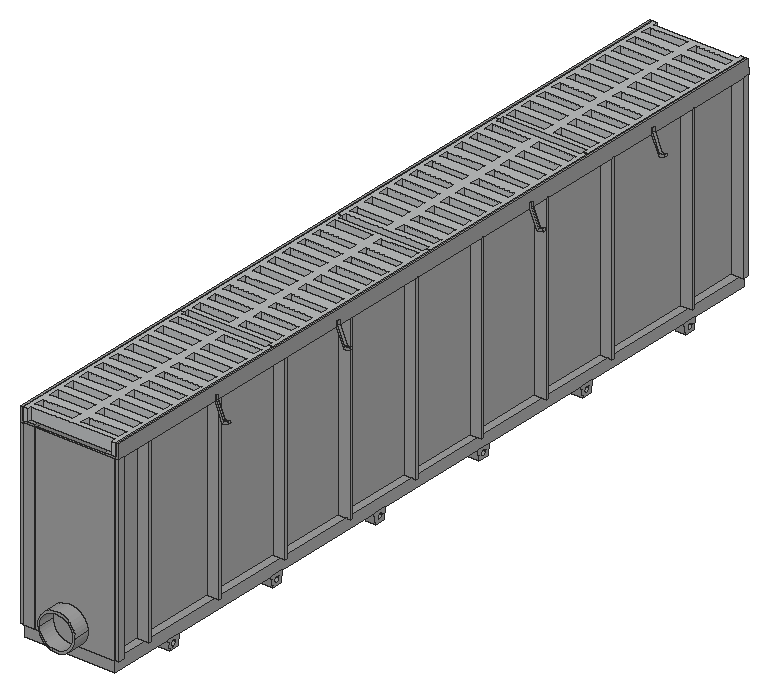
Revit family "Drain_Trench-Zurn-Z874-U-9-HDG", category Plumbing Fixtures, Revit 2022
Family settings
  Round Connector Dimension = Use Radius
  Part Type = Normal
  OmniClass Number = 23.70.50.21.24.14
  OmniClass Title = Deck Waste Water Drains
  Work Plane-Based = No
  Always vertical = Yes
  Cut with Voids When Loaded = No
  Maintain Annotation Orientation = No
  Shared = No
  Room Calculation Point = No
Parameters (values of type "Load Family Type Catalog")
  Waste Connection = 1 = 1  # yes
  WFU = 1  # constant formula
  Vent Connection = 1 = 0  # no
  URL = "www.zurn.com"
  Type Comments = "Z874-U-9-HDG With 4 Inch No-Hub End outlet"
  Rotation Angle = if(Bottom Outlet, 180.00°, 90.00°)  # 90.00°
  Product data url = "https://www.bimobject.com/zurnindustries/product/z874-u-9-hdg"
  Product Page URL = "https://www.zurn.com/products/drainage-interceptors/trench-drain-systems/linear-trench-drain/sports-complex-recreational/z874-u-9-hdg"
  Product Documentation Link = "https://files.zurn.com/spec-sheets/303534.pdf"
  Pipe Size_A Outer Diameter = 4.500"
  Pipe Size_A Nominal Diameter = 4.000"
  Pipe Size_A Inside Diameter = 4.026"
  Offset Distance [instance] = if(Bottom Outlet, Connector Radius + 2.750", 50.000")  # 50.000"
  Modified Date = "03/06/2026"  # constant formula
  Model = "Z874-U-9-HDG"
  Gratel_Material [instance] = Iron - Zurn - Galvanized- Ductile
  Manufacurer Brand = "Zurn"  # constant formula
  Manufacturer = "Zurn Water, LLC"  # constant formula
  Main Material [instance] = Polymer - Zurn - HDPE - Grey
  HWFU = 0  # constant formula
  HW Connection = 1 = 0  # no
  Frame Material [instance] = Steel - Zurn  - Galvanized
  Frame Adjustment Height [instance] = if([Enter Value-Frame Adjustment Height] < 4.000", 4.000", if([Enter Value-Frame Adjustment Height] > 23.750", 23.750", [Enter Value-Frame Adjustment Height]))  # 23.750"
  Enter Value-Frame Adjustment Height [instance] = 25.000"
  End Outlet = yes
  Description = "UTILITY TRENCH W/ GALVANIZED STEEL FRAME 9 INCH THROAT WIDTH & COVER"  # constant formula
  Default Elevation = 20.000"  # constant formula
  Date Created = "03/04/2026"  # constant formula
  Connector Visibility = no
  Connector Radius = Pipe Size_A Nominal Diameter / 2  # 2.000"
  CWFU = 0  # constant formula
  CW Connection = 1 = 0  # no
  Bottom Outlet = no
  Assembly Code = "D2040300"
Reference planes (in)
  plane 1 "Center (Front/Back)": y = 0
  plane 2: z = 0
  plane 3 "Center (Left/Right)": x = 0
  plane 4: z = 0
  plane 5: x = -6
  plane 6: x = 6
  plane 7: x = -5.75
  plane 8: x = 5.75
  plane 9: x = -4.25
  plane 10: x = 4.25
  plane 11: z = -1.75
  plane 12: z = -1.5
  plane 13: y = 48
  plane 14 "001": y = -48
  plane 15: z = -23.75
  plane 16 "bottom": z = -26.4375
  plane 17: x = -7
  plane 18: x = 7
  plane 19: z = -21.75
  plane 20 "End": y = -50
  plane 21: y = -50
  plane 22: z = -22.34318
  plane 23: x = -2
  plane 24: x = 2
  plane 25: z = -19.75
  plane 26: z = -23.75
  plane 27: y = 2
  plane 28: y = -2
  plane 29: y = -24
  plane 30: y = 0
  plane 31: y = 24
  plane 32: y = 39.71875
  plane 33: y = -48
  plane 34: y = 48
  plane 35: z = -4.22
  plane 36: y = -53.89055
  plane 37: x = -5.5
  plane 38: x = 5.5
  plane 39: z = -3.8125
  plane 40: x = 7.75
  plane 41: z = -3.8125
  plane 42: x = 7.75
  plane 43: z = -3.8125
  plane 44: x = 7.75
  plane 45: z = -3.8125
  plane 46: x = 7.75
  plane 47: z = -3.8125
  plane 48: x = -7.75
  plane 49: z = -3.8125
  plane 50: x = -7.75
  plane 51: z = -3.8125
  plane 52: x = -7.75
  plane 53: z = -3.8125
  plane 54: x = -7.75
Forms (in)
  Extrusion 1, solid, material "Steel - Zurn  - Galvanized" <- "Frame Material", detail levels fine
    sketch origin (0.5, 0, -1.75) x (1, 0, 0) y (0, 0, 1)
      loop
        line (3.75, 0) -> (5.5, 0) -> (5.5, 1.75) -> (5.25, 1.75) -> (5.25, 0.25) -> (3.75, 0.25) -> (3.75, 0)
      loop
        line (-4.75, 0) -> (-4.75, 0.25) -> (-6.25, 0.25) -> (-6.25, 1.75) -> (-6.5, 1.75) -> (-6.5, 0) -> (-4.75, 0)
    from -48 to 48
  Extrusion 2, solid, material "Polymer - Zurn - HDPE - Grey" <- "Main Material", detail levels fine
    sketch origin (-0.0023, -0.4887, 0) x (1, 0, 0) y (0, 1, 0)
      loop
        line (4.2523, -47.0113) -> (5.7523, -47.0113) -> (5.7523, -47.2613) -> (4.2523, -47.2613) -> (4.2523, -47.5113) -> (6.0023, -47.5113) -> (6.0023, -46.7613) -> (4.5023, -46.7613) -> (4.5023, -42.84375) -> (6.0023, -42.84375) -> (6.0023, -42.59375) -> (4.5023, -42.59375) -> (4.5023, -32.17262) -> (6.0023, -32.17262) -> (6.0023, -31.92262) -> (4.5023, -31.92262) -> (4.5023, -22.17262) -> (6.0023, -22.17262) -> (6.0023, -21.92262) -> (4.5023, -21.92262) -> (4.5023, -12.17262) -> (6.0023, -12.17262) -> (6.0023, -11.92262) -> (4.5023, -11.92262) -> (4.5023, -2.17262) -> (6.0023, -2.17262) -> (6.0023, -1.92262) -> (4.5023, -1.92262) -> (4.5023, 7.82738) -> (6.0023, 7.82738) -> (6.0023, 8.07738) -> (4.5023, 8.07738) -> (4.5023, 17.70426) -> (6.0023, 17.70426) -> (6.0023, 17.95426) -> (4.5023, 17.95426) -> (4.5023, 27.70426) -> (6.0023, 27.70426) -> (6.0023, 27.95426) -> (4.5023, 27.95426) -> (4.5023, 39.95745) -> (6.0023, 39.95745) -> (6.0023, 40.20745) -> (4.5023, 40.20745) -> (4.5023, 47.7387) -> (6.0023, 47.7387) -> (6.0023, 48.4887) -> (4.2523, 48.4887) -> (4.2523, 48.2387) -> (5.7523, 48.2387) -> (5.7523, 47.9887) -> (4.2523, 47.9887) -> (4.2523, -47.0113)
      loop
        line (-4.2477, -47.0113) -> (-4.2477, 47.9887) -> (-5.7477, 47.9887) -> (-5.7477, 48.2387) -> (-4.2477, 48.2387) -> (-4.2477, 48.4887) -> (-5.9977, 48.4887) -> (-5.9977, 47.7387) -> (-4.4977, 47.7387) -> (-4.4977, 40.20745) -> (-5.9977, 40.20745) -> (-5.9977, 39.95745) -> (-4.4977, 39.95745) -> (-4.4977, 27.95426) -> (-5.9977, 27.95426) -> (-5.9977, 27.70426) -> (-4.4977, 27.70426) -> (-4.4977, 17.95426) -> (-5.9977, 17.95426) -> (-5.9977, 17.70426) -> (-4.4977, 17.70426) -> (-4.4977, 8.07738) -> (-5.9977, 8.07738) -> (-5.9977, 7.82738) -> (-4.4977, 7.82738) -> (-4.4977, -1.92262) -> (-5.9977, -1.92262) -> (-5.9977, -2.17262) -> (-4.4977, -2.17262) -> (-4.4977, -11.92262) -> (-5.9977, -11.92262) -> (-5.9977, -12.17262) -> (-4.4977, -12.17262) -> (-4.4977, -21.92262) -> (-5.9977, -21.92262) -> (-5.9977, -22.17262) -> (-4.4977, -22.17262) -> (-4.4977, -31.92262) -> (-5.9977, -31.92262) -> (-5.9977, -32.17262) -> (-4.4977, -32.17262) -> (-4.4977, -42.59375) -> (-5.9977, -42.59375) -> (-5.9977, -42.84375) -> (-4.4977, -42.84375) -> (-4.4977, -46.7613) -> (-5.9977, -46.7613) -> (-5.9977, -47.5113) -> (-4.2477, -47.5113) -> (-4.2477, -47.2613) -> (-5.7477, -47.2613) -> (-5.7477, -47.0113) -> (-4.2477, -47.0113)
    from -23.75 to -1.75
  Extrusion 3, solid, material "Polymer - Zurn - HDPE - Grey" <- "Main Material", detail levels fine
    sketch origin (0, 0, -7.7389) x (0, 1, 0) y (0, 0, 1)
      loop
        line (48, -16.0111) -> (-48, -16.0111) -> (-48, -17.3861) -> (48, -17.3861) -> (48, -16.0111)
    from -5.5 to 5.5
  Extrusion 4, solid, material "Polymer - Zurn - HDPE - Grey" <- "Main Material", visible <- "Bottom Outlet", detail levels fine
    sketch origin (0, 0, 0) x (1, 0, 0) y (0, 1, 0)
      loop
        circle (0, 0) r 2.25
      loop
        circle (0, 0) r 2.013
    from -23.75 to -26.4375
  Sweep 5, solid, material "Polymer - Zurn - HDPE - Grey" <- "Main Material", visible <- "Connector Visibility", detail levels fine
    path in 3D
      loop
        line (0, 0, -21.75) -> (0, -50, -21.75)
    profile origin (0, -25, -21.75) x (0, 0, -1) y (1, 0, 0)
      loop
        circle (0, 0) r 0.3
  Extrusion 6, solid, material "Polymer - Zurn - HDPE - Grey" <- "Main Material", visible <- "End Outlet", detail levels fine
    sketch origin (0, -0.95745, 0) x (1, 0, 0) y (0, 1, 0)
      loop
        line (-5.583, -47.0738) -> (5.583, -47.0738) -> (5.583, -46.8238) -> (-5.583, -46.8238) -> (-5.583, -47.0738)
    from -23.75 to -1.75
  Extrusion 7, solid, material "Polymer - Zurn - HDPE - Grey" <- "Main Material", visible <- "End Outlet", detail levels fine
    sketch origin (0, 0, 0) x (1, 0, 0) y (0, 0, 1)
      loop
        circle (0, -21.75) r 2.25
      loop
        circle (0, -21.75) r 2.013
    from 50 to 48
  Extrusion 8, solid, material "Polymer - Zurn - HDPE - Grey" <- "Main Material", detail levels fine
    sketch origin (0, 0, -8.75) x (0, 1, 0) y (0, 0, 1)
      loop
        line (40.5247, -16.375) -> (38.8372, -16.375) -> (39.09375, -17.6875) -> (40.34375, -17.6875) -> (40.5247, -16.375)
      loop
        circle (39.71875, -17.02972) r 0.375
    from -5.5 to 5.5
  Extrusion 9, solid, material "Polymer - Zurn - HDPE - Grey" <- "Main Material", detail levels fine
    sketch origin (0, -15.75, -8.75) x (0, 1, 0) y (0, 0, 1)
      loop
        line (40.5247, -16.375) -> (38.8372, -16.375) -> (39.09375, -17.6875) -> (40.34375, -17.6875) -> (40.5247, -16.375)
      loop
        circle (39.71875, -17.02972) r 0.375
    from -5.5 to 5.5
  Extrusion 10, solid, material "Polymer - Zurn - HDPE - Grey" <- "Main Material", detail levels fine
    sketch origin (0, -31.5, -8.75) x (0, 1, 0) y (0, 0, 1)
      loop
        line (40.5247, -16.375) -> (38.8372, -16.375) -> (39.09375, -17.6875) -> (40.34375, -17.6875) -> (40.5247, -16.375)
      loop
        circle (39.71875, -17.02972) r 0.375
    from -5.5 to 5.5
  Extrusion 11, solid, material "Polymer - Zurn - HDPE - Grey" <- "Main Material", detail levels fine
    sketch origin (0, -47.25, -8.75) x (0, 1, 0) y (0, 0, 1)
      loop
        line (40.5247, -16.375) -> (38.8372, -16.375) -> (39.09375, -17.6875) -> (40.34375, -17.6875) -> (40.5247, -16.375)
      loop
        circle (39.71875, -17.02972) r 0.375
    from -5.5 to 5.5
  Extrusion 12, solid, material "Polymer - Zurn - HDPE - Grey" <- "Main Material", detail levels fine
    sketch origin (0, -63, -8.75) x (0, 1, 0) y (0, 0, 1)
      loop
        line (40.5247, -16.375) -> (38.8372, -16.375) -> (39.09375, -17.6875) -> (40.34375, -17.6875) -> (40.5247, -16.375)
      loop
        circle (39.71875, -17.02972) r 0.375
    from -5.5 to 5.5
  Extrusion 13, solid, material "Polymer - Zurn - HDPE - Grey" <- "Main Material", detail levels fine
    sketch origin (0, -78.75, -8.75) x (0, 1, 0) y (0, 0, 1)
      loop
        line (40.5247, -16.375) -> (38.8372, -16.375) -> (39.09375, -17.6875) -> (40.34375, -17.6875) -> (40.5247, -16.375)
      loop
        circle (39.71875, -17.02972) r 0.375
    from -5.5 to 5.5
  Extrusion 14, solid, material "Steel - Zurn  - Galvanized" <- "Frame Material", detail levels fine
    sketch origin (0, 0, 0) x (1, 0, 0) y (0, 0, 1)
      loop
        line (6, -1) -> (6, -1.46483) -> (6.94931, -3.68528)
        arc (6.94931, -3.68528) -> (7.02335, -3.76595) -> (7.13228, -3.77705) r 0.15405
        line (7.13228, -3.77705) -> (7.75, -3.61154) -> (7.6853, -3.37006) -> (7.22117, -3.49442)
        arc (7.22117, -3.49442) -> (7.16034, -3.4886) -> (7.1182, -3.44436) r 0.08739
        line (7.1182, -3.44436) -> (6.25, -1.41363) -> (6.25, -1) -> (6, -1)
    from 33.14286 to 33.39286
  Extrusion 15, solid, material "Steel - Zurn  - Galvanized" <- "Frame Material", detail levels fine
    sketch origin (0, -48, 0) x (1, 0, 0) y (0, 0, -1)
      loop
        line (6, 1) -> (6.25, 1) -> (6.25, 1.41363) -> (7.1182, 3.44436)
        arc (7.1182, 3.44436) -> (7.16034, 3.4886) -> (7.22117, 3.49442) r 0.08739
        line (7.22117, 3.49442) -> (7.6853, 3.37006) -> (7.75, 3.61154) -> (7.13228, 3.77705)
        arc (7.13228, 3.77705) -> (7.02335, 3.76595) -> (6.94931, 3.68528) r 0.15405
        line (6.94931, 3.68528) -> (6, 1.46483) -> (6, 1)
    from 33.14286 to 33.39286
  Extrusion 16, solid, material "Steel - Zurn  - Galvanized" <- "Frame Material", detail levels fine
    sketch origin (0, 0, 0) x (1, 0, 0) y (0, 0, -1)
      loop
        line (6, 1) -> (6.25, 1) -> (6.25, 1.41363) -> (7.1182, 3.44436)
        arc (7.1182, 3.44436) -> (7.16034, 3.4886) -> (7.22117, 3.49442) r 0.08739
        line (7.22117, 3.49442) -> (7.6853, 3.37006) -> (7.75, 3.61154) -> (7.13228, 3.77705)
        arc (7.13228, 3.77705) -> (7.02335, 3.76595) -> (6.94931, 3.68528) r 0.15405
        line (6.94931, 3.68528) -> (6, 1.46483) -> (6, 1)
    from 33.14286 to 33.39286
  Extrusion 17, solid, material "Steel - Zurn  - Galvanized" <- "Frame Material", detail levels fine
    sketch origin (0, 48, 0) x (1, 0, 0) y (0, 0, 1)
      loop
        line (6, -1) -> (6, -1.46483) -> (6.94931, -3.68528)
        arc (6.94931, -3.68528) -> (7.02335, -3.76595) -> (7.13228, -3.77705) r 0.15405
        line (7.13228, -3.77705) -> (7.75, -3.61154) -> (7.6853, -3.37006) -> (7.22117, -3.49442)
        arc (7.22117, -3.49442) -> (7.16034, -3.4886) -> (7.1182, -3.44436) r 0.08739
        line (7.1182, -3.44436) -> (6.25, -1.41363) -> (6.25, -1) -> (6, -1)
    from 33.14286 to 33.39286
  Extrusion 18, solid, material "Steel - Zurn  - Galvanized" <- "Frame Material", detail levels fine
    sketch origin (0, 0, 0) x (-1, 0, 0) y (0, 0, -1)
      loop
        line (6, 1) -> (6.25, 1) -> (6.25, 1.41363) -> (7.1182, 3.44436)
        arc (7.1182, 3.44436) -> (7.16034, 3.4886) -> (7.22117, 3.49442) r 0.08739
        line (7.22117, 3.49442) -> (7.6853, 3.37006) -> (7.75, 3.61154) -> (7.13228, 3.77705)
        arc (7.13228, 3.77705) -> (7.02335, 3.76595) -> (6.94931, 3.68528) r 0.15405
        line (6.94931, 3.68528) -> (6, 1.46483) -> (6, 1)
    from 33.14286 to 33.39286
  Extrusion 19, solid, material "Steel - Zurn  - Galvanized" <- "Frame Material", detail levels fine
    sketch origin (0, -48, 0) x (-1, 0, 0) y (0, 0, 1)
      loop
        line (6, -1) -> (6, -1.46483) -> (6.94931, -3.68528)
        arc (6.94931, -3.68528) -> (7.02335, -3.76595) -> (7.13228, -3.77705) r 0.15405
        line (7.13228, -3.77705) -> (7.75, -3.61154) -> (7.6853, -3.37006) -> (7.22117, -3.49442)
        arc (7.22117, -3.49442) -> (7.16034, -3.4886) -> (7.1182, -3.44436) r 0.08739
        line (7.1182, -3.44436) -> (6.25, -1.41363) -> (6.25, -1) -> (6, -1)
    from 33.14286 to 33.39286
  Extrusion 20, solid, material "Steel - Zurn  - Galvanized" <- "Frame Material", detail levels fine
    sketch origin (0, 0, 0) x (-1, 0, 0) y (0, 0, 1)
      loop
        line (6, -1) -> (6, -1.46483) -> (6.94931, -3.68528)
        arc (6.94931, -3.68528) -> (7.02335, -3.76595) -> (7.13228, -3.77705) r 0.15405
        line (7.13228, -3.77705) -> (7.75, -3.61154) -> (7.6853, -3.37006) -> (7.22117, -3.49442)
        arc (7.22117, -3.49442) -> (7.16034, -3.4886) -> (7.1182, -3.44436) r 0.08739
        line (7.1182, -3.44436) -> (6.25, -1.41363) -> (6.25, -1) -> (6, -1)
    from 33.14286 to 33.39286
  Extrusion 21, solid, material "Steel - Zurn  - Galvanized" <- "Frame Material", detail levels fine
    sketch origin (0, 48, 0) x (-1, 0, 0) y (0, 0, -1)
      loop
        line (6, 1) -> (6.25, 1) -> (6.25, 1.41363) -> (7.1182, 3.44436)
        arc (7.1182, 3.44436) -> (7.16034, 3.4886) -> (7.22117, 3.49442) r 0.08739
        line (7.22117, 3.49442) -> (7.6853, 3.37006) -> (7.75, 3.61154) -> (7.13228, 3.77705)
        arc (7.13228, 3.77705) -> (7.02335, 3.76595) -> (6.94931, 3.68528) r 0.15405
        line (6.94931, 3.68528) -> (6, 1.46483) -> (6, 1)
    from 33.14286 to 33.39286
  Extrusion 22, void
    sketch origin (0, -48, 0) x (0, 0, 1) y (-1, 0, 0)
      loop
        line (-25.125, 4.25) -> (-26.4375, 4.25) -> (-26.4375, -4.25) -> (-25.125, -4.25) -> (-25.125, 4.25)
    from -44.57143 to 0
  Extrusion 23, void
    sketch origin (0, 48, 0) x (0, 0, 1) y (1, 0, 0)
      loop
        line (-25.125, -4.25) -> (-25.125, 4.25) -> (-26.4375, 4.25) -> (-26.4375, -4.25) -> (-25.125, -4.25)
    from -44.57143 to 0
Cuts and joins
  Extrusion 22, Extrusion 23 cuts Extrusion 3
  Extrusion 22 cuts Extrusion 4
  Extrusion 22 cuts Sweep 5
  Extrusion 22, Extrusion 23 cuts Extrusion 11
  Extrusion 22, Extrusion 23 cuts Extrusion 13
  Extrusion 22, Extrusion 23 cuts Extrusion 12
  Extrusion 23 cuts Extrusion 6
  Extrusion 23 cuts Extrusion 8
  Extrusion 22, Extrusion 23 cuts Extrusion 9
  Extrusion 23 cuts Extrusion 10
Lines and regions (in)
  Masking region 1, visible <- "End Outlet", detail levels fine
    outline origin (0, 0, 0) x (1, 0, 0) y (0, 1, 0)
      loop
        line (-2.25, -48) -> (-2.25, -50) -> (2.25, -50) -> (2.25, -48) -> (-2.25, -48)
  Masking region 2, detail levels fine
    outline origin (0, 0, 0) x (1, 0, 0) y (0, 1, 0)
      loop
        line (-6, 48) -> (-6, 33.39286) -> (-7.75, 33.39286) -> (-7.75, 33.14286) -> (-6, 33.14286) -> (-6, 14.85714) -> (-7.75, 14.85714) -> (-7.75, 14.60714) -> (-6, 14.60714) -> (-6, -14.60714) -> (-7.75, -14.60714) -> (-7.75, -14.85714) -> (-6, -14.85714) -> (-6, -33.14286) -> (-7.75, -33.14286) -> (-7.75, -33.39286) -> (-6, -33.39286) -> (-6, -48) -> (6, -48) -> (6, -33.39286) -> (7.75, -33.39286) -> (7.75, -33.14286) -> (6, -33.14286) -> (6, -14.85714) -> (7.75, -14.85714) -> (7.75, -14.60714) -> (6, -14.60714) -> (6, 14.60714) -> (7.75, 14.60714) -> (7.75, 14.85714) -> (6, 14.85714) -> (6, 33.14286) -> (7.75, 33.14286) -> (7.75, 33.39286) -> (6, 33.39286) -> (6, 48) -> (-6, 48)
  reference lines
    curve 1: line (0, 0, -21.75) -> (0, -50, -21.75)
  sketch lines
    curve 2: line (0, 0, -21.75) -> (0, -50, -21.75)
  model lines, detail levels coarse+medium
    curve 3: line (-6, -48, 0) -> (-6, 48, 0)
    curve 4: line (6, 48, 0) -> (6, -48, 0)
    curve 5: line (6, 48, 0) -> (-6, 48, 0)
    curve 6: line (-6, -48, 0) -> (6, -48, 0)
    curve 7: line (0, -48, 0) -> (0, -48, -23.75)
    curve 8: line (0, -48, -23.75) -> (0, 48, -23.75)
    curve 9: line (0, 48, -23.75) -> (0, 48, 0)
    curve 16: line (-4, 48, 0) -> (-4, -48, 0)
    curve 17: line (4, -48, 0) -> (4, 48, 0)
    curve 18: line (0, 48, 0) -> (0, -48, 0)
    curve 19: line (-6, 43.63636, 0) -> (6, 43.63636, 0)
    curve 20: line (-6, 34.90909, 0) -> (6, 34.90909, 0)
    curve 21: line (-6, 39.27273, 0) -> (6, 39.27273, 0)
    curve 22: line (-6, 30.54545, 0) -> (6, 30.54545, 0)
    curve 23: line (-6, 26.18182, 0) -> (6, 26.18182, 0)
    curve 24: line (-6, 4.36364, 0) -> (6, 4.36364, 0)
    curve 25: line (-6, 8.72727, 0) -> (6, 8.72727, 0)
    curve 26: line (-6, 13.09091, 0) -> (6, 13.09091, 0)
    curve 27: line (-6, 17.45455, 0) -> (6, 17.45455, 0)
    curve 28: line (-6, 21.81818, 0) -> (6, 21.81818, 0)
    curve 29: line (-6, -43.63636, 0) -> (6, -43.63636, 0)
    curve 30: line (-6, -39.27273, 0) -> (6, -39.27273, 0)
    curve 31: line (-6, -34.90909, 0) -> (6, -34.90909, 0)
    curve 32: line (-6, -30.54545, 0) -> (6, -30.54545, 0)
    curve 33: line (-6, -26.18182, 0) -> (6, -26.18182, 0)
    curve 34: line (-6, -8.72727, 0) -> (6, -8.72727, 0)
    curve 35: line (-6, -13.09091, 0) -> (6, -13.09091, 0)
    curve 36: line (-6, -17.45455, 0) -> (6, -17.45455, 0)
    curve 37: line (-6, -21.81818, 0) -> (6, -21.81818, 0)
    curve 38: line (-5.75, 0, 0) -> (6, 0, 0)
    curve 39: line (6, -4.36364, 0) -> (-6, -4.36364, 0)
    curve 40: line (-2, 48, 0) -> (-2, -48, 0)
    curve 41: line (2, -48, 0) -> (2, 48, 0)
    curve 42: line (5.75, 48, 0) -> (5.75, -48, 0)
    curve 43: line (-5.75, -48, 0) -> (-5.75, 48, 0)
  model lines, visible <- "Bottom Outlet", detail levels coarse+medium
    curve 10: line (0, 0, -23.75) -> (0, 0, -26.4375)
    curve 14: line (-2, 0, -26.4375) -> (2, 0, -26.4375)
    curve 15: line (0, 2, -26.4375) -> (0, -2, -26.4375)
  model lines, visible <- "End Outlet", detail levels coarse+medium
    curve 11: line (0, -50, -21.75) -> (0, -48, -21.75)
    curve 12: line (0, -50, -19.75) -> (0, -50, -23.75)
    curve 13: line (-2, -50, -21.75) -> (2, -50, -21.75)
Dimensions and locks (in)
  locked: level to plane 4
  equal spacing: plane 6, plane 3 "Center (Left/Right)", plane 5
  locked: plane 6 to plane 5 at 12
  locked: plane 7 to plane 5 at 0.25
  locked: plane 6 to plane 8 at 0.25
  equal spacing: plane 10, plane 3 "Center (Left/Right)", plane 9
  locked: plane 10 to plane 9 at 8.5
  locked: plane 4 to plane 11 at 1.75
  locked: plane 12 to plane 11 at 0.25
  plane 13 to plane 14 "001" = 96.000"
  locked: plane 15 to plane 16 "bottom" at 2.6875
  "Offset Distance": curve 1 to curve 1
  locked: plane 1 "Center (Front/Back)" to plane 20 "End" at 50
  locked: plane 21 to plane 20 "End"
  equal spacing: plane 13, plane 1 "Center (Front/Back)", plane 14 "001", locked at 48 each
  locked: Extrusion 1 to Extrusion 2 sketch curve at 0.25  (x2)
  locked: Extrusion 2 sketch curve to Extrusion 2 sketch curve at 0.25  (x19)
  locked: Extrusion 2 sketch curve to Extrusion 1 at 0.25
  locked: Extrusion 6 sketch curve to Extrusion 6 sketch curve at 0.25
  "Frame Adjustment Height": level to plane 15
  plane 11 to plane 15 = 22.000"
  "Connector Radius": plane 19 to plane 15
  equal spacing: plane 24, plane 3 "Center (Left/Right)", plane 23
  "Pipe Size_A Nominal Diameter": plane 24 to plane 23
  equal spacing: plane 25, plane 19, plane 26
  "Pipe Size_A Nominal Diameter": plane 25 to plane 26
  equal spacing: plane 28, plane 1 "Center (Front/Back)", plane 27
  "Pipe Size_A Nominal Diameter": plane 28 to plane 27
  plane 14 "001" to plane 13 = 96.000"
  equal spacing: Masking region 1 sketch curve, plane 3 "Center (Left/Right)", Masking region 1 sketch curve
  "Pipe Size_A Outer Diameter": Masking region 1 sketch curve to Masking region 1 sketch curve
  equal spacing: plane 34, plane 31, plane 30, plane 29, plane 33, locked at 24 each
  plane 7 to plane 3 "Center (Left/Right)" = 5.750"
  locked: plane 12 to plane 35 at 2.72
  locked: Extrusion 2 sketch curve to Extrusion 2 sketch curve at 3.91755
  locked: Extrusion 2 sketch curve to nested 1 at 9.6244
  locked: Extrusion 2 sketch curve to Extrusion 2 sketch curve at 9.75  (x5)
  locked: Extrusion 2 sketch curve to Extrusion 2 sketch curve at 9.62688
  equal spacing: curve 3, curve 16, curve 40, curve 18, curve 41, curve 17, curve 4, locked at 2 each
  locked: plane 18 to plane 6 at 1
  locked: plane 5 to plane 17 at 1
  locked: Extrusion 2 sketch curve to Extrusion 2 sketch curve at 12.00318
  locked: Extrusion 2 sketch curve to Extrusion 2 sketch curve at 7.53125
  equal spacing: curve 5, curve 19, curve 21, curve 20, curve 22, curve 23, curve 28, curve 27, curve 26, curve 25, curve 24, curve 38, curve 39, curve 34, curve 35, curve 36, curve 37, curve 33, curve 32, curve 31, curve 30, curve 29, curve 6, locked at 4.36364 each
  locked: Extrusion 3 sketch curve to Extrusion 2 at 1.375
  locked: plane 38 to plane 37 at 11
  locked: Extrusion 8 sketch curve to Extrusion 8 sketch curve at 1.6875
  locked: Extrusion 8 sketch curve to Extrusion 8 sketch curve at 1.25
  locked: Extrusion 9 sketch curve to Extrusion 9 sketch curve at 1.6875
  locked: Extrusion 9 sketch curve to Extrusion 9 sketch curve at 1.25
  equal spacing: group 1, group 2, group 3, group 4, group 5, group 6
  equal spacing: group 6, group 5, group 4, group 3, group 2, group 1  (x2)
  locked: Extrusion 10 sketch curve to Extrusion 10 sketch curve at 1.6875
  locked: Extrusion 10 sketch curve to Extrusion 10 sketch curve at 1.25
  locked: Extrusion 11 sketch curve to Extrusion 11 sketch curve at 1.6875
  locked: Extrusion 11 sketch curve to Extrusion 11 sketch curve at 1.25
  locked: Extrusion 12 sketch curve to Extrusion 12 sketch curve at 1.6875
  locked: Extrusion 12 sketch curve to Extrusion 12 sketch curve at 1.25
  locked: Extrusion 13 sketch curve to Extrusion 13 sketch curve at 1.6875
  locked: Extrusion 13 sketch curve to Extrusion 13 sketch curve at 1.25
  locked: level to Extrusion 14 sketch curve at 1
  Extrusion 14 sketch curve to plane 39 = 2.8125"
  locked: plane 40 to plane 6 at 1.75
  locked: Extrusion 14 sketch curve to Extrusion 14 sketch curve at 0.25  (x3)
  plane 41 to Extrusion 15 sketch curve = 2.8125"
  locked: Extrusion 15 sketch curve to Extrusion 15 sketch curve at 0.25  (x3)
  plane 43 to Extrusion 16 sketch curve = 2.8125"
  locked: Extrusion 16 sketch curve to Extrusion 16 sketch curve at 0.25  (x3)
  Extrusion 17 sketch curve to plane 45 = 2.8125"
  locked: Extrusion 17 sketch curve to Extrusion 17 sketch curve at 0.25  (x3)
  plane 33 to Extrusion 14 to Extrusion 14 to Extrusion 15 to Extrusion 15 to Extrusion 17 to Extrusion 17 to Extrusion 16 to Extrusion 16 to plane 34 = 14.60714" locked, 0.250" locked, 18.28571" locked, 0.250" locked, 29.21429" locked, 0.250" locked, 18.28571" locked, 0.250" locked, 14.60714" locked
  locked: plane 47 to Extrusion 18 sketch curve at 2.8125
  locked: Extrusion 18 sketch curve to Extrusion 18 sketch curve at 0.25  (x3)
  locked: Extrusion 19 sketch curve to plane 49 at 2.8125
  locked: Extrusion 19 sketch curve to Extrusion 19 sketch curve at 0.25  (x3)
  locked: Extrusion 20 sketch curve to plane 51 at 2.8125
  locked: Extrusion 20 sketch curve to Extrusion 20 sketch curve at 0.25  (x3)
  locked: plane 53 to Extrusion 21 sketch curve at 2.8125
  locked: Extrusion 21 sketch curve to Extrusion 21 sketch curve at 0.25  (x3)
  plane 14 "001" to Extrusion 18 to Extrusion 18 to Extrusion 19 to Extrusion 19 to Extrusion 21 to Extrusion 21 to Extrusion 20 to Extrusion 20 to plane 13 = 14.60714" locked, 0.250" locked, 18.28571" locked, 0.250" locked, 29.21429" locked, 0.250" locked, 18.28571" locked, 0.250" locked, 14.60714" locked
  locked: plane 52 to plane 5 at 1.75
  locked: plane 5 to plane 48 at 1.75
  locked: plane 50 to plane 5 at 1.75
  locked: plane 54 to plane 5 at 1.75
  "Pipe Size_A Outer Diameter": diameter of Extrusion 4 sketch curve
  "Pipe Size_A Inside Diameter": diameter of Extrusion 4 sketch curve
  "Pipe Size_A Outer Diameter": diameter of Extrusion 7 sketch curve
  "Pipe Size_A Inside Diameter": diameter of Extrusion 7 sketch curve
  "Rotation Angle": angle curve 1 to plane 1 "Center (Front/Back)"
  aligned and locked: plane 2 to level
  aligned and locked: Extrusion 1 sketch curve to plane 4
  aligned and locked: plane 4 to Extrusion 1 sketch curve
  aligned and locked: plane 5 to Extrusion 1 sketch curve
  aligned and locked: Extrusion 1 sketch curve to plane 7
  aligned and locked: plane 6 to Extrusion 1 sketch curve
  aligned and locked: Extrusion 1 sketch curve to plane 8
  aligned and locked: Extrusion 1 sketch curve to plane 9
  aligned and locked: Extrusion 1 sketch curve to plane 10
  aligned and locked: Extrusion 1 sketch curve to plane 11
  aligned and locked: plane 12 to Extrusion 1 sketch curve
  aligned and locked: plane 11 to Extrusion 1 sketch curve
  aligned and locked: Extrusion 1 sketch curve to plane 12
  aligned and locked: Extrusion 1 to plane 13
  aligned and locked: plane 14 "001" to Extrusion 1
  aligned and locked: Extrusion 2 sketch curve to Extrusion 2 sketch curve  (x49)
  aligned and locked: plane 11 to Extrusion 2
  aligned and locked: Extrusion 2 to plane 15
  aligned and locked: plane 1 "Center (Front/Back)" to curve 1
  aligned and locked: plane 19 to curve 1
  aligned and locked: profile plane to Sweep 5 sketch curve  (x2)
  aligned and locked: plane 3 "Center (Left/Right)" to Extrusion 4 sketch curve
  aligned and locked: plane 1 "Center (Front/Back)" to Extrusion 4 sketch curve
  aligned and locked: Extrusion 2 sketch curve to plane 13
  aligned and locked: plane 11 to Extrusion 6
  aligned and locked: plane 19 to Extrusion 7 sketch curve  (x2)
  aligned and locked: plane 3 "Center (Left/Right)" to Extrusion 7 sketch curve  (x2)
  aligned and locked: Extrusion 4 to plane 16 "bottom"
  aligned and locked: plane 13 to curve 9
  aligned and locked: plane 15 to curve 8
  aligned and locked: curve 7 to plane 14 "001"
  aligned and locked: plane 15 to curve 10
  aligned and locked: plane 16 "bottom" to curve 10
  aligned and locked: plane 1 "Center (Front/Back)" to curve 10
  aligned and locked: plane 21 to curve 11
  aligned and locked: plane 14 "001" to curve 11
  aligned and locked: curve 11 to plane 19
  aligned and locked: plane 24 to curve 13
  aligned and locked: plane 23 to curve 13
  aligned and locked: curve 13 to plane 19
  aligned and locked: plane 25 to curve 12
  aligned and locked: plane 26 to curve 12
  aligned and locked: curve 12 to plane 3 "Center (Left/Right)"
  aligned and locked: plane 23 to curve 14
  aligned and locked: plane 24 to curve 14
  aligned and locked: plane 1 "Center (Front/Back)" to curve 14
  aligned and locked: plane 27 to curve 15
  aligned and locked: plane 28 to curve 15
  aligned and locked: curve 15 to plane 3 "Center (Left/Right)"
  aligned and locked: Masking region 1 sketch curve to Extrusion 7  (x2)
  aligned and locked: plane 10 to Extrusion 2 sketch curve
  aligned and locked: plane 9 to Extrusion 2 sketch curve  (x3)
  aligned and locked: nested 1 to plane 12
  aligned and locked: plane 12 to nested 2
  aligned and locked: nested 3 to plane 12
  aligned and locked: nested 4 to plane 34
  aligned and locked: plane 31 to nested 3
  aligned and locked: plane 30 to nested 2
  aligned and locked: plane 33 to nested 1
  aligned and locked: plane 12 to nested 4
  aligned and locked: curve 6 to plane 33
  aligned and locked: plane 33 to curve 16
  aligned and locked: plane 34 to curve 16
  aligned and locked: Extrusion 2 sketch curve to plane 8
  aligned and locked: Extrusion 2 sketch curve to plane 7
  aligned and locked: Extrusion 2 sketch curve to plane 10
  aligned and locked: plane 8 to Extrusion 2 sketch curve
  aligned and locked: plane 7 to Extrusion 2 sketch curve
  aligned and locked: plane 5 to Extrusion 2 sketch curve  (x5)
  aligned and locked: plane 6 to Extrusion 2 sketch curve  (x3)
  aligned and locked: Extrusion 2 sketch curve to plane 6
  aligned and locked: plane 5 to curve 19
  aligned and locked: plane 6 to curve 31
  aligned and locked: plane 6 to curve 36
  aligned and locked: curve 42 to plane 8
  aligned and locked: plane 7 to curve 43
  aligned and locked: plane 34 to plane 13
  aligned and locked: Extrusion 7 to plane 14 "001"
  aligned and locked: Extrusion 7 to plane 21
  aligned and locked: plane 33 to Masking region 2 sketch curve
  aligned and locked: Masking region 2 sketch curve to plane 34
  aligned and locked: Extrusion 3 sketch curve to curve 8
  aligned and locked: Extrusion 3 sketch curve to curve 9
  aligned and locked: plane 14 "001" to Extrusion 3
  aligned and locked: plane 37 to Extrusion 8
  aligned and locked: Extrusion 8 to plane 38
  aligned and locked: Extrusion 9 to Extrusion 3
  aligned and locked: plane 16 "bottom" to Extrusion 9
  aligned and locked: plane 16 "bottom" to Extrusion 10
  aligned and locked: plane 16 "bottom" to Extrusion 11
  aligned and locked: plane 16 "bottom" to Extrusion 12
  aligned and locked: plane 16 "bottom" to Extrusion 13
  aligned and locked: plane 52 to Extrusion 20 sketch curve
  aligned and locked: Masking region 2 sketch curve to Extrusion 17  (x4)
  aligned and locked: Masking region 2 sketch curve to Extrusion 15  (x4)
  aligned and locked: Masking region 2 sketch curve to Extrusion 18  (x3)
  aligned and locked: Masking region 2 sketch curve to Extrusion 19  (x3)
  aligned and locked: Masking region 2 sketch curve to Extrusion 21  (x3)
  aligned and locked: Masking region 2 sketch curve to Extrusion 20  (x3)
  aligned and locked: Extrusion 3 to Extrusion 22 sketch curve
  aligned and locked: Extrusion 22 sketch curve to plane 9
  aligned and locked: Extrusion 22 sketch curve to plane 16 "bottom"
  aligned and locked: Extrusion 22 to Extrusion 1
  aligned and locked: Extrusion 23 to plane 13
  aligned and locked: plane 40 to Extrusion 14 sketch curve
  aligned and locked: plane 46 to Extrusion 17 sketch curve
  aligned and locked: plane 44 to Extrusion 16 sketch curve
  aligned and locked: plane 48 to Extrusion 18 sketch curve
  aligned and locked: plane 50 to Extrusion 19 sketch curve
  aligned and locked: plane 54 to Extrusion 21 sketch curve
  aligned and locked: plane 26 to cut or joined group of Extrusion 6, Extrusion 23
  aligned and locked: cut or joined group of Extrusion 4, Extrusion 22 to plane 26
  aligned and locked: Masking region 2 sketch curve to plane 5  (x5)
  aligned and locked: plane 6 to Masking region 2 sketch curve  (x2)
  aligned and locked: cut or joined group of Extrusion 3, Extrusion 22, Extrusion 23 to plane 37
  aligned and locked: cut or joined group of Extrusion 3, Extrusion 22, Extrusion 23 to plane 38
  aligned and locked: Extrusion 2 sketch curve to plane 33
  aligned and locked: plane 33 to Extrusion 2 sketch curve
  aligned and locked: Extrusion 2 sketch curve to plane 34
Automatic sketch dimensions
  Extrusion 8 sketch curve to Extrusion 8 sketch curve = 0.65472"
  Extrusion 8 sketch curve to Extrusion 8 sketch curve = 0.25655"
  Extrusion 8 sketch curve to Extrusion 8 sketch curve = 0.625"
  Extrusion 8 sketch curve to Extrusion 8 sketch curve = 0.65778"
  Extrusion 9 sketch curve to Extrusion 9 sketch curve = 0.65472"
  Extrusion 9 sketch curve to Extrusion 9 sketch curve = 0.25655"
  Extrusion 9 sketch curve to Extrusion 9 sketch curve = 0.625"
  Extrusion 9 sketch curve to Extrusion 9 sketch curve = 0.65778"
  Extrusion 10 sketch curve to Extrusion 10 sketch curve = 0.65472"
  Extrusion 10 sketch curve to Extrusion 10 sketch curve = 0.25655"
  Extrusion 10 sketch curve to Extrusion 10 sketch curve = 0.625"
  Extrusion 10 sketch curve to Extrusion 10 sketch curve = 0.65778"
  Extrusion 11 sketch curve to Extrusion 11 sketch curve = 0.65472"
  Extrusion 11 sketch curve to Extrusion 11 sketch curve = 0.25655"
  Extrusion 11 sketch curve to Extrusion 11 sketch curve = 0.625"
  Extrusion 11 sketch curve to Extrusion 11 sketch curve = 0.65778"
  Extrusion 12 sketch curve to Extrusion 12 sketch curve = 0.65472"
  Extrusion 12 sketch curve to Extrusion 12 sketch curve = 0.25655"
  Extrusion 12 sketch curve to Extrusion 12 sketch curve = 0.625"
  Extrusion 12 sketch curve to Extrusion 12 sketch curve = 0.65778"
  Extrusion 13 sketch curve to Extrusion 13 sketch curve = 0.65472"
  Extrusion 13 sketch curve to Extrusion 13 sketch curve = 0.25655"
  Extrusion 13 sketch curve to Extrusion 13 sketch curve = 0.625"
  Extrusion 13 sketch curve to Extrusion 13 sketch curve = 0.65778"
  curve 9 to level = 0.000"
  curve 7 to level = 0.000"
  Extrusion 3 sketch curve to plane 14 "001" = 0.000"
  Extrusion 6 sketch curve to plane 37 = 0.083"
  plane 38 to Extrusion 6 sketch curve = 0.083"
  plane 14 "001" to Extrusion 6 sketch curve = 0.03125"
  Extrusion 14 sketch curve to plane 6 = 0.000"
  Extrusion 14 sketch curve to plane 18 = 0.05069"
  plane 18 to Extrusion 14 sketch curve = 0.09241"
  plane 18 to Extrusion 14 sketch curve = 0.1182"
  plane 39 to Extrusion 14 sketch curve = 0.03545"
  plane 18 to Extrusion 14 sketch curve = 0.13228"
  Extrusion 14 sketch curve to Extrusion 14 sketch curve = 0.08036"
  Extrusion 14 sketch curve to Extrusion 14 sketch curve = 0.02262"
  Extrusion 14 sketch curve to plane 40 = 0.0647"
  plane 39 to Extrusion 14 sketch curve = 0.12722"
  Extrusion 14 sketch curve to Extrusion 14 sketch curve = 0.05006"
  Extrusion 15 sketch curve to plane 6 = 0.000"
  Extrusion 15 sketch curve to plane 42 = 0.000"
  Extrusion 15 sketch curve to plane 18 = 0.05069"
  plane 18 to Extrusion 15 sketch curve = 0.09241"
  plane 18 to Extrusion 15 sketch curve = 0.1182"
  plane 41 to Extrusion 15 sketch curve = 0.03545"
  plane 18 to Extrusion 15 sketch curve = 0.13228"
  Extrusion 15 sketch curve to Extrusion 15 sketch curve = 0.08036"
  Extrusion 15 sketch curve to Extrusion 15 sketch curve = 0.02262"
  Extrusion 15 sketch curve to plane 42 = 0.0647"
  plane 12 to Extrusion 15 sketch curve = 0.03517"
  Extrusion 15 sketch curve to Extrusion 15 sketch curve = 0.0512"
  Extrusion 15 sketch curve to Extrusion 15 sketch curve = 0.46483"
  Extrusion 16 sketch curve to plane 6 = 0.000"
  Extrusion 16 sketch curve to plane 18 = 0.05069"
  plane 18 to Extrusion 16 sketch curve = 0.09241"
  plane 18 to Extrusion 16 sketch curve = 0.1182"
  plane 43 to Extrusion 16 sketch curve = 0.03545"
  plane 18 to Extrusion 16 sketch curve = 0.13228"
  Extrusion 16 sketch curve to Extrusion 16 sketch curve = 0.08036"
  Extrusion 16 sketch curve to Extrusion 16 sketch curve = 0.02262"
  Extrusion 16 sketch curve to plane 44 = 0.0647"
  plane 12 to Extrusion 16 sketch curve = 0.03517"
  Extrusion 16 sketch curve to Extrusion 16 sketch curve = 0.0512"
  Extrusion 16 sketch curve to Extrusion 16 sketch curve = 0.46483"
  Extrusion 17 sketch curve to plane 6 = 0.000"
  Extrusion 17 sketch curve to plane 18 = 0.05069"
  plane 18 to Extrusion 17 sketch curve = 0.09241"
  plane 18 to Extrusion 17 sketch curve = 0.1182"
  plane 45 to Extrusion 17 sketch curve = 0.03545"
  plane 18 to Extrusion 17 sketch curve = 0.13228"
  Extrusion 17 sketch curve to Extrusion 17 sketch curve = 0.08036"
  Extrusion 17 sketch curve to Extrusion 17 sketch curve = 0.02262"
  Extrusion 17 sketch curve to plane 46 = 0.0647"
  plane 45 to Extrusion 17 sketch curve = 0.12722"
  Extrusion 17 sketch curve to Extrusion 17 sketch curve = 0.05006"
  Extrusion 17 sketch curve to Extrusion 17 sketch curve = 0.46483"
  Extrusion 18 sketch curve to plane 5 = 0.000"
  plane 17 to Extrusion 18 sketch curve = 0.05069"
  Extrusion 18 sketch curve to plane 17 = 0.09241"
  Extrusion 18 sketch curve to plane 17 = 0.1182"
  plane 47 to Extrusion 18 sketch curve = 0.03545"
  Extrusion 18 sketch curve to plane 17 = 0.13228"
  Extrusion 18 sketch curve to Extrusion 18 sketch curve = 0.08036"
  Extrusion 18 sketch curve to Extrusion 18 sketch curve = 0.02262"
  Extrusion 18 sketch curve to plane 48 = 0.0647"
  plane 12 to Extrusion 18 sketch curve = 0.03517"
  Extrusion 18 sketch curve to Extrusion 18 sketch curve = 0.0512"
  Extrusion 19 sketch curve to plane 5 = 0.000"
  plane 17 to Extrusion 19 sketch curve = 0.05069"
  Extrusion 19 sketch curve to plane 17 = 0.09241"
  Extrusion 19 sketch curve to plane 17 = 0.1182"
  plane 49 to Extrusion 19 sketch curve = 0.03545"
  Extrusion 19 sketch curve to plane 17 = 0.13228"
  Extrusion 19 sketch curve to Extrusion 19 sketch curve = 0.08036"
  Extrusion 19 sketch curve to Extrusion 19 sketch curve = 0.02262"
  Extrusion 19 sketch curve to plane 50 = 0.0647"
  plane 49 to Extrusion 19 sketch curve = 0.12722"
  Extrusion 19 sketch curve to Extrusion 19 sketch curve = 0.05006"
  Extrusion 20 sketch curve to plane 5 = 0.000"
  plane 17 to Extrusion 20 sketch curve = 0.05069"
  Extrusion 20 sketch curve to plane 17 = 0.09241"
  Extrusion 20 sketch curve to plane 17 = 0.1182"
  plane 51 to Extrusion 20 sketch curve = 0.03545"
  Extrusion 20 sketch curve to plane 17 = 0.13228"
  Extrusion 20 sketch curve to Extrusion 20 sketch curve = 0.08036"
  Extrusion 20 sketch curve to Extrusion 20 sketch curve = 0.02262"
  Extrusion 20 sketch curve to plane 52 = 0.0647"
  plane 51 to Extrusion 20 sketch curve = 0.12722"
  Extrusion 20 sketch curve to Extrusion 20 sketch curve = 0.05006"
  Extrusion 21 sketch curve to plane 5 = 0.000"
  plane 17 to Extrusion 21 sketch curve = 0.05069"
  Extrusion 21 sketch curve to plane 17 = 0.09241"
  Extrusion 21 sketch curve to plane 17 = 0.1182"
  plane 53 to Extrusion 21 sketch curve = 0.03545"
  Extrusion 21 sketch curve to plane 17 = 0.13228"
  Extrusion 21 sketch curve to Extrusion 21 sketch curve = 0.08036"
  Extrusion 21 sketch curve to Extrusion 21 sketch curve = 0.02262"
  Extrusion 21 sketch curve to plane 54 = 0.0647"
  plane 12 to Extrusion 21 sketch curve = 0.03517"
  Extrusion 21 sketch curve to Extrusion 21 sketch curve = 0.0512"
  Extrusion 22 sketch curve to plane 10 = 0.000"
  Extrusion 23 sketch curve to plane 9 = 0.000"
  Extrusion 23 sketch curve to plane 16 "bottom" = 0.000"
  Extrusion 23 sketch curve to plane 10 = 0.000"
  Extrusion 23 sketch curve to Extrusion 23 sketch curve = 1.3125"
  plane 18 to Masking region 2 sketch curve = 0.750"  (x2)
  Masking region 2 sketch curve to plane 29 = 9.39286"
  Masking region 2 sketch curve to Masking region 2 sketch curve = 0.250"  (x2)
  Masking region 2 sketch curve to plane 32 = 6.57589"
  Extrusion 4 sketch curve to Extrusion 4 sketch curve = 0.000"  (x2)
  Masking region 2 sketch curve to plane 6 = 0.000"
  Extrusion 2 sketch curve to plane 6 = 0.000"
  radius of Extrusion 8 sketch curve = 0.375"
  radius of Extrusion 9 sketch curve = 0.375"
  radius of Extrusion 10 sketch curve = 0.375"
  radius of Extrusion 11 sketch curve = 0.375"
  radius of Extrusion 12 sketch curve = 0.375"
  radius of Extrusion 13 sketch curve = 0.375"
  radius of Sweep 5 sketch curve = 0.300"
Nested families (in)
  nested 1: "Grate" at (0, -36, 0.25), Material_Grate <- "Gratel_Material", type "Grate", detail levels fine
    with Material_Grate Iron - Zurn - Galvanized- Ductile, Frame Adjustment Height 3.063", Enter Value-Frame Adjustment Height 0.000"
  nested 2: "Grate" at (0, -12, 0.25), Material_Grate <- "Gratel_Material", type "Grate", detail levels fine
    with Material_Grate Iron - Zurn - Galvanized- Ductile, Frame Adjustment Height 3.063", Enter Value-Frame Adjustment Height 0.000"
  nested 3: "Grate" at (0, 12, 0.25), Material_Grate <- "Gratel_Material", type "Grate", detail levels fine
    with Material_Grate Iron - Zurn - Galvanized- Ductile, Frame Adjustment Height 3.063", Enter Value-Frame Adjustment Height 0.000"
  nested 4: "Grate" at (0, 36, 0.25), Material_Grate <- "Gratel_Material", type "Grate", detail levels fine
    with Material_Grate Iron - Zurn - Galvanized- Ductile, Frame Adjustment Height 3.063", Enter Value-Frame Adjustment Height 0.000"
Connectors (in)
  piping at (0, -50, -21.75), diameter 4, driven by "Connector Radius", driven by "Waste Connection"
    settings: on Sweep 5, index 1, connector inside diameter 24", connector length 0.000", flow factor 0, pipe flow 0 GPM, pressure drop 0.00 psi, fitting loss kfactor 0, connector angle 0.00°, fixture units 0, engagement length 0.000", angle of deflection 0.00°, flow configuration 0, flow direction 2, fitting loss method 0, system type 16, joint type 0, gender type 0, connector reference index -1, connector utility 1, adjustable connector no, is connector primary yes, connector description "Sanitary Outlet"
Definition of nested family "Grate"
  Parameters (values of type "Grate")
    Waste Connection = 1 = 1  # yes
    WFU = 1  # constant formula
    Vent Connection = 1 = 0  # no
    URL = "www.zurn.com"
    Product data url = ""
    Product Page URL = ""
    Product Installation Sheet URL = ""
    Product Documentation Link = ""
    Pipe Size_A Outer Diameter = 0.000"
    Pipe Size_A Nominal Diameter = 0.000"
    Pipe Size_A Inside Diameter = 0.000"
    Modified Date = ""
    Material_Grate [instance] = none
    Manufacurer Brand = "Zurn"  # constant formula
    Manufacturer = "Zurn Water, LLC"  # constant formula
    Main Material = none
    HWFU = 0  # constant formula
    HW Connection = 1 = 0  # no
    Grate Open Area = 0 mm
    Frame Adjustment Height [instance] = if([Enter Value-Frame Adjustment Height] < 3.063", 3.063", if([Enter Value-Frame Adjustment Height] > 5.000", 5.000", [Enter Value-Frame Adjustment Height]))  # 3.063"
    Enter Value-Frame Adjustment Height [instance] = 0.000"
    Default Elevation = 20.000"  # constant formula
    Date Created = ""
    Connector Radius = Pipe Size_A Nominal Diameter / 2  # 0.000"
    CWFU = 0  # constant formula
    CW Connection = 1 = 0  # no
    Body Height_E = 0.000"
    Assembly Code = ""
    Approx. Weight (Lbs) = 0.000"
  Reference planes (in)
    plane 1 "Center (Front/Back)": y = 0
    plane 2: z = 0
    plane 3 "Center (Left/Right)": x = 0
    plane 4: y = -17.64041
    plane 5: y = -18.85253
    plane 6: x = 5.125
    plane 7: x = -5.125
    plane 8: x = -0.5
    plane 9: x = 0.5
    plane 10: y = -12
    plane 11: y = -12
    plane 12: y = -9.71429
    plane 13: y = -10.85714
    plane 14: y = -7.42857
    plane 15: y = -8.57143
    plane 16: y = -5.14286
    plane 17: y = -6.28571
    plane 18: y = 9.71429
    plane 19: y = 10.85714
    plane 20: y = 7.42857
    plane 21: y = 8.57143
    plane 22: y = 5.14286
    plane 23: y = 6.28571
    plane 24: y = 2.85714
    plane 25: y = 4
    plane 26: y = 0.57143
    plane 27: y = 1.71429
    plane 28: y = -1.71429
    plane 29: y = -0.57143
    plane 30: y = -4
    plane 31: y = -2.85714
    plane 32: y = 12
    plane 33: x = -5.625
    plane 34: x = 5.625
  Forms (in)
    Extrusion 1, solid, material <- "Material_Grate", detail levels fine
      sketch origin (32.60582, 37.7453, 0) x (1, 0, 0) y (0, 1, 0)
        loop
          line (-38.23082, -25.7453) -> (-38.23082, -49.7453) -> (-37.73082, -49.7453) -> (-37.73082, -49.1953) -> (-27.48082, -49.1953) -> (-27.48082, -49.7453) -> (-26.98082, -49.7453) -> (-26.98082, -25.7453) -> (-27.48082, -25.7453) -> (-27.48082, -26.2453) -> (-37.73082, -26.2453) -> (-37.73082, -25.7453) -> (-38.23082, -25.7453)
        loop
          line (-27.48082, -48.60244) -> (-27.48082, -47.45959) -> (-32.10582, -47.45959) -> (-32.10582, -48.60244) -> (-27.48082, -48.60244)
        loop
          line (-27.48082, -46.31673) -> (-27.48082, -45.17387) -> (-32.10582, -45.17387) -> (-32.10582, -46.31673) -> (-27.48082, -46.31673)
        loop
          line (-27.48082, -44.03102) -> (-27.48082, -42.88816) -> (-32.10582, -42.88816) -> (-32.10582, -44.03102) -> (-27.48082, -44.03102)
        loop
          line (-27.48082, -26.88816) -> (-32.10582, -26.88816) -> (-32.10582, -28.03102) -> (-27.48082, -28.03102) -> (-27.48082, -26.88816)
        loop
          line (-27.48082, -29.17387) -> (-32.10582, -29.17387) -> (-32.10582, -30.31673) -> (-27.48082, -30.31673) -> (-27.48082, -29.17387)
        loop
          line (-27.48082, -31.45959) -> (-32.10582, -31.45959) -> (-32.10582, -32.60244) -> (-27.48082, -32.60244) -> (-27.48082, -31.45959)
        loop
          line (-27.48082, -33.7453) -> (-32.10582, -33.7453) -> (-32.10582, -34.88816) -> (-27.48082, -34.88816) -> (-27.48082, -33.7453)
        loop
          line (-27.48082, -36.03102) -> (-32.10582, -36.03102) -> (-32.10582, -37.17387) -> (-27.48082, -37.17387) -> (-27.48082, -36.03102)
        loop
          line (-27.48082, -38.31673) -> (-32.10582, -38.31673) -> (-32.10582, -39.45959) -> (-27.48082, -39.45959) -> (-27.48082, -38.31673)
        loop
          line (-37.73082, -48.60244) -> (-33.10582, -48.60244) -> (-33.10582, -47.45959) -> (-37.73082, -47.45959) -> (-37.73082, -48.60244)
        loop
          line (-37.73082, -46.31673) -> (-33.10582, -46.31673) -> (-33.10582, -45.17387) -> (-37.73082, -45.17387) -> (-37.73082, -46.31673)
        loop
          line (-37.73082, -44.03102) -> (-33.10582, -44.03102) -> (-33.10582, -42.88816) -> (-37.73082, -42.88816) -> (-37.73082, -44.03102)
        loop
          line (-37.73082, -26.88816) -> (-37.73082, -28.03102) -> (-33.10582, -28.03102) -> (-33.10582, -26.88816) -> (-37.73082, -26.88816)
        loop
          line (-37.73082, -29.17387) -> (-37.73082, -30.31673) -> (-33.10582, -30.31673) -> (-33.10582, -29.17387) -> (-37.73082, -29.17387)
        loop
          line (-37.73082, -31.45959) -> (-37.73082, -32.60244) -> (-33.10582, -32.60244) -> (-33.10582, -31.45959) -> (-37.73082, -31.45959)
        loop
          line (-37.73082, -33.7453) -> (-37.73082, -34.88816) -> (-33.10582, -34.88816) -> (-33.10582, -33.7453) -> (-37.73082, -33.7453)
        loop
          line (-37.73082, -36.03102) -> (-37.73082, -37.17387) -> (-33.10582, -37.17387) -> (-33.10582, -36.03102) -> (-37.73082, -36.03102)
        loop
          line (-37.73082, -38.31673) -> (-37.73082, -39.45959) -> (-33.10582, -39.45959) -> (-33.10582, -38.31673) -> (-37.73082, -38.31673)
        loop
          line (-27.48082, -40.60244) -> (-32.10582, -40.60244) -> (-32.10582, -41.7453) -> (-27.48082, -41.7453) -> (-27.48082, -40.60244)
        loop
          line (-37.73082, -40.60244) -> (-37.73082, -41.7453) -> (-33.10582, -41.7453) -> (-33.10582, -40.60244) -> (-37.73082, -40.60244)
      from -1.75 to -0.25
  Dimensions and locks (in)
    locked: plane 5 to plane 4 at 1.21212
    plane 8 to plane 3 "Center (Left/Right)" to plane 9 = 0.500" locked, 0.500" locked
    locked: Extrusion 1 sketch curve to Extrusion 1 sketch curve at 0.5
    plane 33 to plane 3 "Center (Left/Right)" to plane 34 = 5.625", 5.625"
    locked: plane 33 to plane 7 at 0.5
    locked: plane 6 to plane 34 at 0.5
    plane 32 to plane 1 "Center (Front/Back)" to plane 11 = 12.000", 12.000"
    equal spacing: plane 32, plane 19, plane 18, plane 21, plane 20, plane 23, plane 22, plane 25, plane 24, plane 27, plane 26, plane 29, plane 28, plane 31, plane 30, plane 16, plane 17, plane 14, plane 15, plane 12, plane 13, plane 11, locked at 1.14286 each
    locked: Extrusion 1 sketch curve to plane 11 at 0.55
    aligned and locked: plane 2 to level
    aligned and locked: Extrusion 1 sketch curve to Extrusion 1 sketch curve
    aligned and locked: plane 13 to Extrusion 1 sketch curve
    aligned and locked: Extrusion 1 sketch curve to plane 12
    aligned and locked: plane 15 to Extrusion 1 sketch curve
    aligned and locked: Extrusion 1 sketch curve to plane 14
    aligned and locked: plane 17 to Extrusion 1 sketch curve
    aligned and locked: Extrusion 1 sketch curve to plane 16
    aligned and locked: plane 7 to Extrusion 1 sketch curve  (x8)
    aligned and locked: Extrusion 1 sketch curve to plane 7  (x4)
    aligned and locked: plane 8 to Extrusion 1 sketch curve  (x3)
    aligned and locked: Extrusion 1 sketch curve to plane 8  (x6)
    aligned and locked: Extrusion 1 sketch curve to plane 9  (x7)
    aligned and locked: plane 9 to Extrusion 1 sketch curve  (x4)
    aligned and locked: plane 6 to Extrusion 1 sketch curve  (x11)
    aligned and locked: plane 19 to Extrusion 1 sketch curve
    aligned and locked: Extrusion 1 sketch curve to plane 19
    aligned and locked: Extrusion 1 sketch curve to plane 18
    aligned and locked: plane 18 to Extrusion 1 sketch curve
    aligned and locked: Extrusion 1 sketch curve to plane 21
    aligned and locked: plane 21 to Extrusion 1 sketch curve
    aligned and locked: Extrusion 1 sketch curve to plane 20
    aligned and locked: plane 20 to Extrusion 1 sketch curve
    aligned and locked: Extrusion 1 sketch curve to plane 23
    aligned and locked: plane 23 to Extrusion 1 sketch curve
    aligned and locked: plane 22 to Extrusion 1 sketch curve  (x2)
    aligned and locked: Extrusion 1 sketch curve to plane 25
    aligned and locked: plane 25 to Extrusion 1 sketch curve
    aligned and locked: Extrusion 1 sketch curve to plane 24
    aligned and locked: plane 27 to Extrusion 1 sketch curve
    aligned and locked: Extrusion 1 sketch curve to plane 27
    aligned and locked: plane 26 to Extrusion 1 sketch curve
    aligned and locked: Extrusion 1 sketch curve to plane 26
    aligned and locked: plane 29 to Extrusion 1 sketch curve
    aligned and locked: Extrusion 1 sketch curve to plane 29
    aligned and locked: plane 28 to Extrusion 1 sketch curve
    aligned and locked: Extrusion 1 sketch curve to plane 28
    aligned and locked: plane 16 to Extrusion 1 sketch curve
    aligned and locked: plane 14 to Extrusion 1 sketch curve
    aligned and locked: Extrusion 1 sketch curve to plane 15
    aligned and locked: plane 12 to Extrusion 1 sketch curve
    aligned and locked: Extrusion 1 sketch curve to plane 13
    aligned and locked: Extrusion 1 sketch curve to plane 6
    aligned and locked: Extrusion 1 sketch curve to plane 17
    aligned and locked: Extrusion 1 sketch curve to plane 31
    aligned and locked: plane 30 to Extrusion 1 sketch curve
    aligned and locked: plane 31 to Extrusion 1 sketch curve
    aligned and locked: Extrusion 1 sketch curve to plane 30
    aligned and locked: plane 24 to Extrusion 1 sketch curve
    aligned and locked: plane 10 to plane 11
    aligned and locked: plane 32 to Extrusion 1 sketch curve
    aligned and locked: Extrusion 1 sketch curve to plane 32
    aligned and locked: Extrusion 1 sketch curve to plane 33
    aligned and locked: Extrusion 1 sketch curve to plane 34
    aligned and locked: plane 11 to Extrusion 1 sketch curve
    aligned and locked: Extrusion 1 sketch curve to plane 11
Types in the file's own list only (7): name | Type Comments | Rotation Angle | Pipe Size_A Outer Diameter | Pipe Size_A Nominal Diameter | Pipe Size_A Inside Diameter | End Outlet | Default Elevation | Connector Radius | Bottom Outlet
  Z874-U-9-HDG E2 | "Z874-U-9-HDG With 2 Inch No-Hub End outlet" | 90.00° | 2.375 " | 2.000 " | 2.067 " | Yes | 20.000 " | 1.000 " | No
  Z874-U-9-HDG E4 | "Z874-U-9-HDG With 4 Inch No-Hub End outlet" | 90.00° | 4.500 " | 4.000 " | 4.026 " | Yes | 20.000 " | 2.000 " | No
  Z874-U-9-HDG E6 | "Z874-U-9-HDG With 6 Inch No-Hub End outlet" | 90.00° | 6.625 " | 6.000 " | 6.065 " | Yes | 20.000 " | 3.000 " | No
  Z874-U-9-HDG E8 | "Z874-U-9-HDG With 8 Inch No-Hub End outlet" | 90.00° | 8.625 " | 8.000 " | 7.981 " | Yes | 20.000 " | 4.000 " | No
  Z874-U-9-HDG U4 | "Z874-U-9-HDG With 4 Inch No-Hub Bottom outlet" | 180.00° | 4.500 " | 4.000 " | 4.026 " | No | 20.000 " | 2.000 " | Yes
  Z874-U-9-HDG U6 | "Z874-U-9-HDG With 6 Inch No-Hub Bottom outlet" | 180.00° | 6.625 " | 6.000 " | 6.065 " | No | 20.000 " | 3.000 " | Yes
  Z874-U-9-HDG U8 | "Z874-U-9-HDG With 8 Inch No-Hub Bottom outlet" | 180.00° | 8.625 " | 8.000 " | 7.981 " | No | 20.000 " | 4.000 " | Yes
